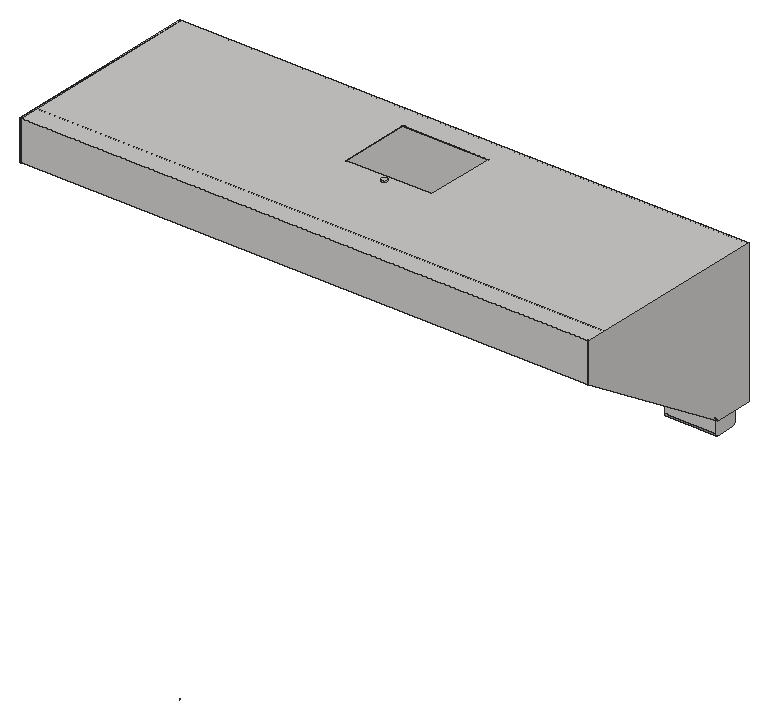
Revit family "QF_ELECTROLUXPROFESSIONAL_644201_AMPV720DT", category Specialty Equipment, Revit 2014
Reference planes
  plane 1: z = 0
  plane 2 "Center (Left/Right)": x = 150
  plane 3 "LEFT": x = -850
  plane 4 "RIGHT": x = 1150
  plane 5 "BACK": y = 550
  plane 6 "Plane": z = 2000
  plane 7 "TOP": z = 2140
  plane 8 "Base": z = 1640
  plane 9: z = 1566
  plane 10 "DrainY": y = 485
  plane 11: x = -847
  plane 12: through (0, 414.509, 1640.8) normal (0, 0.7314, 0.682)
  plane 13: y = 470
  plane 14: y = 220
  plane 15 "DrainX": x = 1030
  plane 16: x = 0
  plane 17: x = 300
  plane 18: x = 1147
  plane 19: x = 940
  plane 20: x = -810
  plane 21: x = 1110
  plane 22: x = -47.5
  plane 23: x = 347.5
  plane 24 "Center (Front/Back)": y = 200
  plane 25 "Front": y = -150
Forms (mm)
  Extrusion 1, solid, material "QF_Finishes_Stainless Steel"
    sketch origin (-850, 0, 0) x (0, 1, 0) y (0, 0, 1)
      loop
        line (550, 1640) -> (550, 2140) -> (-150, 2140) -> (-150, 1999.112) -> (413.973, 1640) -> (550, 1640)
    from 0 to 3
  Extrusion 2, solid, material "QF_Finishes_Stainless Steel"
    sketch origin (150, 0, 0) x (0, 1, 0) y (0, 0, 1)
      loop
        line (415.255, 1640) -> (550, 1640) -> (550, 2139.19) -> (549.2, 2139.19) -> (549.2, 1640.8) -> (415.876, 1640.8) -> (339.347, 1722.867) -> (349.609, 1732.436) -> (348.927, 1733.167) -> (337.934, 1722.917) -> (415.255, 1640)
      loop
        line (-82.203, 2139.19) -> (-82.203, 2118.6) -> (-31.047, 2118.6) -> (34.354, 2048.466) -> (46.028, 2059.352) -> (45.346, 2060.083) -> (34.403, 2049.879) -> (-30.612, 2119.6) -> (-81.203, 2119.6) -> (-81.203, 2139.19) -> (-82.203, 2139.19)
    from -997 to 997
  Extrusion 3, solid, material "QF_Finishes_Stainless Steel"
    sketch origin (1150, 0, 0) x (0, 1, 0) y (0, 0, 1)
      loop
        line (550, 1640) -> (550, 2140) -> (-150, 2140) -> (-150, 1999.112) -> (413.973, 1640) -> (550, 1640)
    from 0 to -3
  Extrusion 4, solid, material "QF_Finishes_Stainless Steel"
    sketch origin (150, 0, 0) x (0, 1, 0) y (0, 0, 1)
      loop
        line (-150, 2140) -> (-150, 2000) -> (-149.2, 2000) -> (-149.2, 2139.19) -> (550, 2139.19) -> (550, 2140) -> (-150, 2140)
    from -1000 to 1000
  Extrusion 5, solid, material "QF_Finishes_Stainless Steel"
    sketch origin (1030, 0, 0) x (0, 1, 0) y (0, 0, 1)
      loop
        line (534, 1640) -> (436, 1640) -> (436, 1627) -> (443.5, 1627) -> (443.5, 1576)
        arc (443.5, 1576) -> (446.429, 1568.929) -> (453.5, 1566) r 10
        line (453.5, 1566) -> (516.5, 1566)
        arc (516.5, 1566) -> (523.571, 1568.929) -> (526.5, 1576) r 10
        line (526.5, 1576) -> (526.5, 1627) -> (534, 1627) -> (534, 1640)
    from -90 to 90
  Extrusion 6, solid, material "QF_Finishes_Stainless Steel"
    sketch origin (0, 0, 1640) x (0, 1, 0) y (-1, 0, 0)
      loop
        circle (485, -1030) r 20
    from -76 to -74
  Extrusion 7, solid, material "QF_Finished_Chrome"
    sketch origin (150, 0, 0) x (0, 1, 0) y (0, 0, 1)
      loop
        line (337.934, 1722.917) -> (341.591, 1726.327) -> (38.011, 2051.876) -> (34.354, 2048.466) -> (337.934, 1722.917)
    from -197.5 to -960
  Extrusion 8, solid, material "QF_Finishes_Stainless Steel"
    sketch origin (150, 0, 0) x (0, 1, 0) y (0, 0, 1)
      loop
        line (337.934, 1722.917) -> (341.591, 1726.327) -> (38.011, 2051.876) -> (34.354, 2048.466) -> (337.934, 1722.917)
    from 997 to 960
  Extrusion 9, solid, material "QF_Finished_Chrome"
    sketch origin (150, 0, 0) x (0, 1, 0) y (0, 0, 1)
      loop
        line (341.588, 1726.324) -> (38.009, 2051.874) -> (34.354, 2048.466) -> (337.934, 1722.917) -> (341.588, 1726.324)
    from 197.5 to 960
  Extrusion 10, void
    sketch origin (0, 0, 2140) x (0, 1, 0) y (-1, 0, 0)
      loop
        line (470, -300) -> (470, 0) -> (220, 0) -> (220, -300) -> (470, -300)
    from 0 to -10
  Extrusion 11, solid, material "QF_Finishes_Stainless Steel"
    sketch origin (0, 0, 0) x (1, 0, 0) y (0, 1, 0)
      loop
        line (-850, 550) -> (-850, 549) -> (-849, 549) -> (-849, 550) -> (-850, 550)
    from 0 to 1
  Extrusion 12, solid, material "QF_Finishes_Stainless Steel"
    sketch origin (150, 0, 0) x (0, 1, 0) y (0, 0, 1)
      loop
        line (337.934, 1722.917) -> (341.591, 1726.327) -> (38.011, 2051.876) -> (34.354, 2048.466) -> (337.934, 1722.917)
    from -960 to -997
  Extrusion 13, solid, material "QF_Finishes_Stainless Steel"
    sketch origin (150, 0, 0) x (0, 1, 0) y (0, 0, 1)
      loop
        line (337.934, 1722.917) -> (341.591, 1726.327) -> (38.011, 2051.876) -> (34.354, 2048.466) -> (337.934, 1722.917)
    from 197.5 to -197.5
  Extrusion 14, solid, material "QF_Finishes_Stainless Steel"
    sketch origin (0, 0, 2140) x (0, 1, 0) y (-1, 0, 0)
      loop
        circle (200, -150) r 10
    from 0 to 2
Cuts and joins
  Extrusion 10 cuts Extrusion 4
  joined: Extrusion 2, Extrusion 4
Lines and regions (mm)
  reference lines
    curve 1: line (150, 34.354, 2048.466) -> (150, 34.354, 1888.466)
  symbolic lines, style "SpecialityEquipment", detail levels coarse
    curve 2: line (1150, 550, 2140) -> (-850, 550, 2140)
    curve 3: line (-850, 550, 2140) -> (-850, -150, 2140)
    curve 4: line (1150, -150, 2140) -> (1150, 550, 2140)
    curve 5: line (-850, -150, 2140) -> (1150, -150, 2140)
    curve 6: line (300, 220, 2140) -> (0, 220, 2140)
    curve 7: line (300, 470, 2140) -> (300, 220, 2140)
    curve 8: line (0, 470, 2140) -> (300, 470, 2140)
    curve 9: line (0, 220, 2140) -> (0, 470, 2140)
  symbolic lines, detail levels coarse
    curve 10: line (-850, -150, 2140) -> (1150, 550, 2140)
    curve 11: line (-850, 550, 2140) -> (1150, -150, 2140)
Dimensions and locks
  plane 3 "LEFT" to plane 4 "RIGHT" = 2000 mm
  equal spacing: plane 3 "LEFT", plane 2 "Center (Left/Right)", plane 4 "RIGHT"
  locked: plane 6 "Plane" to level at 2000
  plane 7 "TOP" to plane 6 "Plane" = 140 mm
  locked: plane 7 "TOP" to plane 8 "Base" at 500
  plane 8 "Base" to plane 9 = 74 mm
  plane 5 "BACK" to plane 10 "DrainY" = 65 mm  (x2)
  plane 3 "LEFT" to plane 11 = 3 mm
  plane 5 "BACK" to plane 13 = 80 mm
  plane 13 to plane 14 = 250 mm  (x2)
  plane 15 "DrainX" to plane 4 "RIGHT" = 120 mm
  plane 18 to plane 4 "RIGHT" = 3 mm
  locked: plane 19 to plane 15 "DrainX" at 90
  plane 13 to plane 5 "BACK" = 80 mm
  locked: plane 3 "LEFT" to plane 20 at 40
  locked: plane 21 to plane 4 "RIGHT" at 40
  locked: plane 22 to plane 23 at 395
  equal spacing: plane 22, plane 2 "Center (Left/Right)", plane 23
  locked: plane 16 to plane 17 at 300
  equal spacing: plane 16, plane 2 "Center (Left/Right)", plane 17
  locked: plane 5 "BACK" to plane 25 "Front" at 700
  equal spacing: plane 5 "BACK", plane 24 "Center (Front/Back)", plane 25 "Front"
  plane 5 "BACK" to plane 25 "Front" = 700 mm
  aligned and locked: level to plane 1
  aligned and locked: Extrusion 2 to Extrusion 1
  aligned and locked: Extrusion 2 to Extrusion 3
  aligned and locked: plane 4 "RIGHT" to Extrusion 4
  aligned and locked: Extrusion 4 to plane 3 "LEFT"
  aligned and locked: plane 18 to Extrusion 8
  aligned and locked: Extrusion 10 to plane 16
  aligned and locked: Extrusion 10 to plane 14
  aligned and locked: Extrusion 10 to plane 13
  aligned and locked: Extrusion 2 to Extrusion 4
  aligned and locked: Extrusion 5 to plane 19
  aligned and locked: Extrusion 8 to plane 21
  aligned and locked: Extrusion 9 to plane 21
  aligned and locked: Extrusion 7 to plane 20
  aligned and locked: Extrusion 12 to plane 11
  aligned and locked: plane 20 to Extrusion 12
  aligned and locked: Extrusion 3 to plane 18
  aligned and locked: Extrusion 10 to plane 17
  aligned and locked: plane 17 to curve 7
  aligned and locked: plane 23 to Extrusion 13
  aligned and locked: Extrusion 13 to plane 22
  aligned and locked: Extrusion 9 to plane 23
Automatic sketch dimensions
  Extrusion 2 sketch curve to plane 12 = 0 mm  (x3)
  Extrusion 2 sketch curve to plane 8 "Base" = 0 mm
  plane 12 to Extrusion 2 sketch curve = 0 mm
  Extrusion 2 sketch curve to plane 5 "BACK" = 0 mm
  Extrusion 2 sketch curve to Extrusion 2 sketch curve = 65.646 mm
  Extrusion 2 sketch curve to Extrusion 2 sketch curve = 0.682 mm  (x2)
  Extrusion 2 sketch curve to Extrusion 2 sketch curve = 10.261 mm
  plane 8 "Base" to Extrusion 2 sketch curve = 82.917 mm
  Extrusion 2 sketch curve to Extrusion 2 sketch curve = 10.942 mm
  Extrusion 2 sketch curve to Extrusion 2 sketch curve = 0.049 mm
  Extrusion 2 sketch curve to plane 7 "TOP" = 20.4 mm
  Extrusion 2 sketch curve to plane 7 "TOP" = 21.4 mm
  Extrusion 2 sketch curve to plane 7 "TOP" = 0.81 mm  (x2)
  Extrusion 2 sketch curve to Extrusion 2 sketch curve = 50.156 mm
  Extrusion 2 sketch curve to Extrusion 2 sketch curve = 1 mm
  plane 8 "Base" to Extrusion 2 sketch curve = 0.8 mm
  Extrusion 2 sketch curve to plane 5 "BACK" = 0.8 mm
  Extrusion 3 sketch curve to plane 8 "Base" = 0 mm
  Extrusion 3 sketch curve to plane 5 "BACK" = 0 mm
  Extrusion 3 sketch curve to plane 7 "TOP" = 0 mm
  plane 13 to Extrusion 3 sketch curve = 56.027 mm
  Extrusion 3 sketch curve to plane 6 "Plane" = 0.888 mm
  Extrusion 4 sketch curve to plane 6 "Plane" = 0 mm
  Extrusion 4 sketch curve to plane 5 "BACK" = 0 mm
  Extrusion 4 sketch curve to plane 7 "TOP" = 0 mm
  Extrusion 4 sketch curve to plane 7 "TOP" = 0.81 mm
  curve 1 to plane 12 = 0 mm
  curve 1 to plane 6 "Plane" = 111.534 mm
  Extrusion 6 sketch curve to plane 10 "DrainY" = 0 mm
  Extrusion 6 sketch curve to plane 15 "DrainX" = 0 mm
  Extrusion 7 sketch curve to plane 12 = 0 mm  (x2)
  Extrusion 7 sketch curve to Extrusion 7 sketch curve = 3.657 mm
  plane 8 "Base" to Extrusion 7 sketch curve = 82.917 mm
  Extrusion 8 sketch curve to plane 12 = 0 mm  (x2)
  Extrusion 8 sketch curve to Extrusion 8 sketch curve = 3.657 mm
  plane 8 "Base" to Extrusion 8 sketch curve = 82.917 mm
  Extrusion 9 sketch curve to plane 12 = 0 mm  (x2)
  Extrusion 9 sketch curve to Extrusion 9 sketch curve = 3.655 mm
  plane 8 "Base" to Extrusion 9 sketch curve = 82.917 mm
  Extrusion 10 sketch curve to plane 14 = 0 mm
  plane 13 to Extrusion 10 sketch curve = 0 mm
  Extrusion 10 sketch curve to plane 17 = 0 mm
  Extrusion 10 sketch curve to plane 16 = 0 mm
  Extrusion 11 sketch curve to plane 3 "LEFT" = 0 mm
  Extrusion 11 sketch curve to plane 5 "BACK" = 0 mm
  plane 3 "LEFT" to Extrusion 11 sketch curve = 1 mm
  Extrusion 11 sketch curve to Extrusion 11 sketch curve = 1 mm
  Extrusion 12 sketch curve to plane 12 = 0 mm  (x2)
  Extrusion 12 sketch curve to Extrusion 12 sketch curve = 3.657 mm
  plane 8 "Base" to Extrusion 12 sketch curve = 82.917 mm
  Extrusion 13 sketch curve to plane 12 = 0 mm  (x2)
  Extrusion 13 sketch curve to Extrusion 13 sketch curve = 3.657 mm
  plane 8 "Base" to Extrusion 13 sketch curve = 82.917 mm
  Extrusion 4 sketch curve to Extrusion 4 sketch curve = 0.8 mm
  plane 6 "Plane" to Extrusion 2 sketch curve = 48.466 mm
  Extrusion 3 sketch curve to plane 14 = 370 mm
  Extrusion 4 sketch curve to plane 14 = 369.2 mm
  curve 1 to plane 14 = 185.646 mm
  plane 6 "Plane" to Extrusion 7 sketch curve = 51.876 mm
  plane 6 "Plane" to Extrusion 8 sketch curve = 51.876 mm
  plane 6 "Plane" to Extrusion 9 sketch curve = 51.874 mm
  plane 6 "Plane" to Extrusion 12 sketch curve = 51.876 mm
  plane 6 "Plane" to Extrusion 13 sketch curve = 51.876 mm
  Extrusion 1 sketch curve to plane 25 "Front" = 0 mm
  Extrusion 1 sketch curve to plane 8 "Base" = 0 mm
  Extrusion 1 sketch curve to plane 5 "BACK" = 0 mm
  Extrusion 1 sketch curve to plane 7 "TOP" = 0 mm
  plane 13 to Extrusion 1 sketch curve = 56.027 mm
  Extrusion 1 sketch curve to plane 6 "Plane" = 0.888 mm
  Extrusion 14 sketch curve to plane 2 "Center (Left/Right)" = 0 mm
  Extrusion 14 sketch curve to plane 24 "Center (Front/Back)" = 0 mm
  curve 10 to plane 3 "LEFT" = 0 mm
  curve 10 to plane 25 "Front" = 0 mm
  curve 7 to plane 14 = 0 mm
  plane 13 to curve 7 = 0 mm
  curve 3 to plane 5 "BACK" = 0 mm
  curve 2 to plane 4 "RIGHT" = 0 mm
  curve 6 to plane 16 = 0 mm
  Extrusion 5 sketch curve to plane 8 "Base" = 0 mm
  Extrusion 5 sketch curve to plane 9 = 0 mm
  Extrusion 5 sketch curve to plane 8 "Base" = 13 mm  (x2)
  plane 13 to Extrusion 5 sketch curve = 34 mm
  Extrusion 5 sketch curve to Extrusion 5 sketch curve = 7.5 mm  (x2)
  Extrusion 5 sketch curve to Extrusion 5 sketch curve = 10 mm
  plane 10 "DrainY" to Extrusion 5 sketch curve = 31.5 mm
  Extrusion 5 sketch curve to plane 5 "BACK" = 23.5 mm
  radius of Extrusion 6 sketch curve = 20 mm
  radius of Extrusion 14 sketch curve = 10 mm
Connectors
  piping at (1030, 485, 1564), diameter 20
    settings: on Extrusion 6, index 1, connector inside diameter 609.6 mm, connector length 0 mm, flow factor 0, pipe flow 0.0 L/s, pressure drop 0.0 Pa, fitting loss kfactor 0, connector angle 0.00°, fixture units 0, engagement length 0 mm, angle of deflection 0.00°, flow configuration 1, flow direction 2, fitting loss method 0, system type 16, joint type 0, gender type 0, connector reference index -1, connector utility 0, adjustable connector no, is connector primary yes, connector description "Drain"
  hvac at (150, 345, 2140)
    settings: on Extrusion 10, index 2, duct flow 0.0 L/s, flow factor 0, pres drop 0.0 Pa, loss coef 0, conn angle 0.00°, conn width 250 mm, conn height 300 mm, conn diameter 609.6 mm, duct sys type 3, conn prof type 1, flow config 0, flow direction 2, loss method 0, conn ref index -1, conn util no, is conn primary yes, conn desc "EXHAUST OUTLET"
  electrical at (150, 200, 2142)
    settings: on Extrusion 14, index 3, voltage 0 V, apparent load 0 VA, apparent load phase1 0 VA, apparent load phase2 0 VA, apparent load phase3 0 VA, power factor 1, load classification "Other", number of poles 1, system type 30, power factor state 1, is connector primary yes, connector utility no, sub classification motor no, connector description "Electrical Connection"
